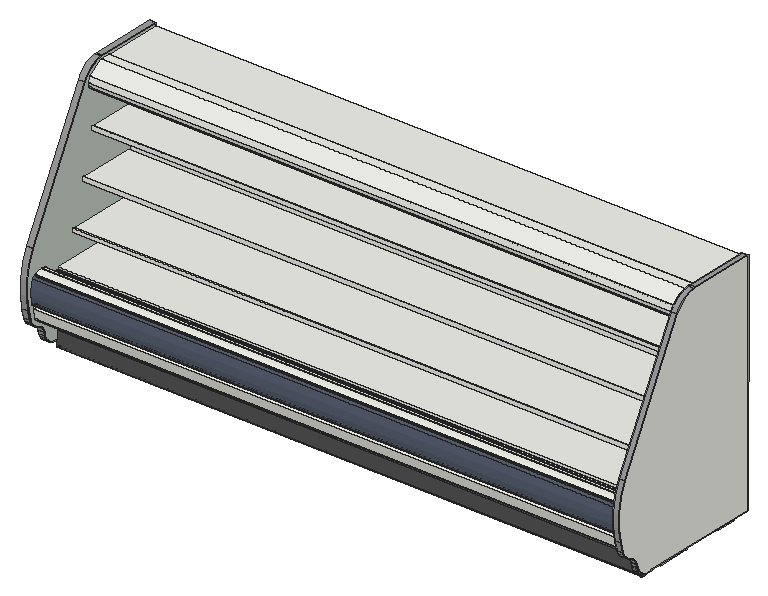
Revit family "IC2XNL_2014", category Specialty Equipment, Revit 2014
Parameters (values of type "12'-0" Length")
  Width = 144 1/2"
  Waste Drain = 1 1/4"  # constant formula
  URL = "www.hussmann.com"
  Type Comments = ""
  Trim = Stainless Steel
  Total Weight = Case Weight + (2 * End Weight)  # 1350.00 lbf
  Top Clearance = 1 1/2"  # constant formula
  Splashguard = Textured Sheet Metal (Steel Painted) - 701 Black
  Side Panel - Right [instance] = yes
  Side Panel - Left [instance] = yes
  Shelves = Sheet Metal (Steel Painted) - 700 Interior White
  Shelf Lights [instance] = yes
  Shelf = yes
  Revit Family Date = "11/25/2015"  # constant formula
  Refrigeration Lines Suction = 7/8"  # constant formula
  Refrigeration Lines Liquid = 3/8"  # constant formula
  Refrig. Suction = "Suction"
  Refrig. Liquid = "Liquid"
  Number of Shelves = 3  # constant formula
  Note from Manufacturer = "This model only comes in 4'-0\", 6'-0\", 8'-0\", and 12'-0\" lengths."
  Model = "IC2XNL"  # constant formula
  Manufacturer Disclaimer = "The information in this file is not intended to be an exact representation of the corresponding Hussmann product.  Further, we reserve the right to change or revise specifications and product design in connection with any feature of our products. Such changes do not entitle the buyer to corresponding changes, improvements, additions, or replacements for equipment previously sold or shipped."  # constant formula
  Manufacturer = "Hussmann Corporation"  # constant formula
  Height = 57 5/8"  # constant formula
  Ends = Textured Sheet Metal (Steel Painted) - 149 White Satin Matte
  End Weight = 75.00 lbf  # constant formula
  Drain Location = if(Width = 48 1/8", 24", if(Width = 72 1/4", 24", if(Width = 96 1/4", 24", if(Width = 144 1/2", 72", 0"))))  # 72"
  Description = ""
  Depth = 38 5/8"  # constant formula
  Clearance [instance] = no
  Case Weight = if(Width = 48 1/8", 600.00 lbf, if(Width = 72 1/4", 800.00 lbf, if(Width = 96 1/4", 1000.00 lbf, if(Width = 144 1/2", 1200.00 lbf, 0.00 lbf))))  # 1200.00 lbf
  Case Interior - Side Panel = Mirror
  Case Interior - Back Panel = Sheet Metal (Steel Painted) - 700 Interior White
  Case = Textured Sheet Metal (Steel Painted) - 149 White Satin Matte
  Bumper = Extruded PVC - 739 Royal Blue
  Back Clearance = 1 1/2"  # constant formula
  Assembly Code = ""
  Accessories/Options = ""
  8 Case = Width = 96 1/4"  # no
  6 Case = Width = 72 1/4"  # no
  12 Case = Width = 144 1/2"  # yes
Reference planes (in)
  plane 1 "Back": y = 0
  plane 2 "Bottom": z = 0
  plane 3 "Top": z = 57.625
  plane 4 "Left": x = -77.30699
  plane 5 "Front": y = -43.625
  plane 6 "Center (Left/Right)": x = -5.05699
  plane 7: y = 1.5
  plane 8: x = -78.80699
  plane 9 "Right": x = 67.19301
  plane 10: x = 68.69301
  plane 11: z = 24
  plane 12: z = 59.125
  plane 13: z = 44
  plane 14: z = 34
  plane 15: y = -38.625
Forms (in)
  Extrusion 1, solid, material "Metal - Copper"
    sketch origin (63.0625, 1.04319, 0) x (1, 0, 0) y (0, 1, 0)
      loop
        arc (-67.86949, -29.04319) -> (-68.31143, -29.22625) -> (-68.49449, -29.66819) r 0.625
        arc (-68.49449, -29.66819) -> (-68.31143, -30.11013) -> (-67.86949, -30.29319) r 0.625
        arc (-67.86949, -30.29319) -> (-67.42754, -30.11013) -> (-67.24449, -29.66819) r 0.625
        arc (-67.24449, -29.66819) -> (-67.42754, -29.22625) -> (-67.86949, -29.04319) r 0.625
      loop
        circle (-67.86949, -29.66819) r 0.5852
    from 5.56944 to 0
  Extrusion 2, solid, material "Metal - Copper"
    sketch origin (57.40105, 5, -0.375) x (1, 0, 0) y (0, 1, 0)
      loop
        circle (0.85446, -29.625) r 0.41359
      loop
        circle (0.85446, -29.625) r 0.4375
    from 5.94444 to 0.375
  Extrusion 3, solid, material "Metal - Copper"
    sketch origin (59.82608, 5, -0.375) x (1, 0, 0) y (0, 1, 0)
      loop
        circle (-0.94557, -29.625) r 0.17188
      loop
        circle (-0.94557, -29.625) r 0.1875
    from 5.94444 to 0.375
  Extrusion 4, solid, material "Textured Sheet Metal (Steel Painted) - 149 White Satin Matte" <- "Case"
    sketch origin (-5.05699, 0, 0) x (0, 1, 0) y (0, 0, 1)
      loop
        line (-6.54174, 55.28164) -> (-6.54174, 16.76987)
        arc (-6.54174, 16.76987) -> (-7.07176, 16.62783) -> (-7.43781, 16.21905) r 0.96162
        arc (-7.43781, 16.21905) -> (-7.50507, 15.78815) -> (-7.61542, 15.36624) r 4.32071
        line (-7.61542, 15.36624) -> (-8.10395, 15.36624)
        arc (-8.10395, 15.36624) -> (-8.30956, 15.45141) -> (-8.39473, 15.65702) r 0.29079
        line (-8.39473, 15.65702) -> (-8.39473, 15.81746)
        arc (-8.39473, 15.81746) -> (-8.43144, 15.90609) -> (-8.52007, 15.9428) r 0.12534
        line (-8.52007, 15.9428) -> (-11.49505, 15.9428)
        arc (-11.49505, 15.9428) -> (-11.5793, 15.91026) -> (-11.61981, 15.82954) r 0.12534
        arc (-11.61981, 15.82954) -> (-11.71378, 15.64227) -> (-11.90924, 15.56678) r 0.29079
        line (-11.90924, 15.56678) -> (-18.72067, 15.56678)
        arc (-18.72067, 15.56678) -> (-19.59459, 15.52862) -> (-20.46186, 15.41445) r 10.02712
        line (-20.46186, 15.41445) -> (-32.09485, 13.36323) -> (-33.08233, 13.18912) -> (-33.27126, 13.16499) -> (-33.25241, 17.38247) -> (-33.41097, 18.31816)
        arc (-33.41097, 18.31816) -> (-33.41818, 18.33957) -> (-33.43165, 18.3577) r 0.0722
        line (-33.43165, 18.3577) -> (-34.36331, 19.26949)
        arc (-34.36331, 19.26949) -> (-34.38173, 19.28257) -> (-34.40329, 19.28932) r 0.0722
        line (-34.40329, 19.28932) -> (-35.32004, 19.4244)
        arc (-35.32004, 19.4244) -> (-35.37297, 19.41141) -> (-35.40174, 19.36513) r 0.0722
        arc (-35.40174, 19.36513) -> (-35.41281, 19.40399) -> (-35.44726, 19.42368) r 0.05013
        arc (-35.44726, 19.42368) -> (-36.46779, 19.37058) -> (-37.41676, 18.99142) r 3.12821
        arc (-37.41676, 18.99142) -> (-37.43616, 18.96989) -> (-37.44041, 18.94122) r 0.05015
        line (-37.44041, 18.94122) -> (-37.43095, 18.87692) -> (-37.20584, 18.49713) -> (-37.20584, 12.75689) -> (-37.48933, 12.33659) -> (-37.45516, 12.37076)
        spline (-37.45516, 12.37076) -> (-37.44574, 12.3785) -> (-37.43499, 12.38424) -> (-37.42333, 12.38778) -> (-37.4112, 12.38898) -> (-37.39907, 12.38778) -> (-37.38741, 12.38424) -> (-37.37666, 12.3785) -> (-37.36725, 12.37077) -> (-37.35951, 12.36135) -> (-37.35377, 12.3506) -> (-37.35023, 12.33893) -> (-37.34904, 12.3268)
        line (-37.34904, 12.3268) -> (-37.34904, 11.72751)
        spline (-37.34904, 11.72751) -> (-37.34936, 11.72116) -> (-37.35034, 11.71486) -> (-37.35195, 11.70871) -> (-37.35418, 11.70275) -> (-37.35701, 11.69704) -> (-37.3604, 11.69166) -> (-37.36433, 11.68665) -> (-37.36875, 11.68208) -> (-37.37361, 11.67797) -> (-37.37886, 11.67439) -> (-37.38446, 11.67136) -> (-37.39033, 11.66892)
        line (-37.39033, 11.66892) -> (-37.39033, 12.04008)
        arc (-37.39033, 12.04008) -> (-37.4228, 12.087) -> (-37.47816, 12.07314) r 0.05014
        line (-37.47816, 12.07314) -> (-37.95304, 11.53186)
        arc (-37.95304, 11.53186) -> (-37.96419, 11.51015) -> (-37.96377, 11.48576) r 0.05014
        line (-37.96377, 11.48576) -> (-37.29561, 9.00525)
        arc (-37.29561, 9.00525) -> (-37.26634, 8.94722) -> (-37.21645, 8.90556) r 0.16043
        line (-37.21645, 8.90556) -> (-31.4005, 5.79007)
        arc (-31.4005, 5.79007) -> (-31.35915, 5.78524) -> (-31.32613, 5.81059) r 0.05535
        line (-31.32613, 5.81059) -> (-31.23846, 5.97425) -> (-30.38551, 5.51735) -> (-30.35997, 5.56503) -> (-8.50716, 5.56503) -> (0, 10.08456) -> (0, 57.48658) -> (-14.54716, 57.48658)
        arc (-14.54716, 57.48658) -> (-14.64163, 57.59634) -> (-14.78053, 57.63729) r 0.25604
        line (-14.78053, 57.63729) -> (-17.00943, 57.63729)
        arc (-17.00943, 57.63729) -> (-17.04476, 57.63217) -> (-17.07719, 57.61724) r 0.12446
        line (-17.07719, 57.61724) -> (-20.54761, 55.36511)
        arc (-20.54761, 55.36511) -> (-20.58149, 55.33254) -> (-20.60088, 55.28974) r 0.12446
        line (-20.60088, 55.28974) -> (-20.91609, 53.97588)
        arc (-20.91609, 53.97588) -> (-20.91952, 53.94608) -> (-20.91573, 53.91633) r 0.12446
        line (-20.91573, 53.91633) -> (-20.66026, 52.9061)
        arc (-20.66026, 52.9061) -> (-20.63509, 52.85678) -> (-20.59102, 52.82327) r 0.12446
        line (-20.59102, 52.82327) -> (-20.28912, 52.68629)
        arc (-20.28912, 52.68629) -> (-20.21717, 52.67688) -> (-20.1522, 52.70919) r 0.12446
        line (-20.1522, 52.70919) -> (-19.94763, 52.90255)
        arc (-19.94763, 52.90255) -> (-19.91451, 52.9553) -> (-19.91109, 53.01749) r 0.12446
        line (-19.91109, 53.01749) -> (-20.10459, 53.98187) -> (-19.85568, 54.43738) -> (-19.48042, 54.43738)
        arc (-19.48042, 54.43738) -> (-19.44051, 54.47564) -> (-19.47704, 54.51714) r 0.03995
        line (-19.47704, 54.51714) -> (-17.27918, 54.51714)
        arc (-17.27918, 54.51714) -> (-17.25528, 54.52204) -> (-17.23524, 54.53595) r 0.06074
        line (-17.23524, 54.53595) -> (-15.84971, 55.88671) -> (-15.84971, 55.28164) -> (-6.54174, 55.28164)
    from 72.25 to -72.25
  Extrusion 5, solid, material "Extruded PVC - 739 Royal Blue" <- "Bumper"
    sketch origin (-5.05699, 0, 0) x (0, 1, 0) y (0, 0, 1)
      loop
        line (-24.51657, 10.42128) -> (-11.10607, 12.3944)
        arc (-11.10607, 12.3944) -> (-8.9341, 13.37919) -> (-7.61542, 15.36624) r 4.32071
        line (-7.61542, 15.36624) -> (-8.10395, 15.36624)
        arc (-8.10395, 15.36624) -> (-8.30956, 15.45141) -> (-8.39473, 15.65702) r 0.29079
        line (-8.39473, 15.65702) -> (-8.39473, 15.81746)
        arc (-8.39473, 15.81746) -> (-8.43144, 15.90609) -> (-8.52007, 15.9428) r 0.12534
        line (-8.52007, 15.9428) -> (-11.49505, 15.9428)
        arc (-11.49505, 15.9428) -> (-11.5793, 15.91026) -> (-11.61981, 15.82954) r 0.12534
        arc (-11.61981, 15.82954) -> (-11.71378, 15.64227) -> (-11.90924, 15.56678) r 0.29079
        line (-11.90924, 15.56678) -> (-18.72067, 15.56678)
        arc (-18.72067, 15.56678) -> (-19.59459, 15.52862) -> (-20.46186, 15.41445) r 10.02712
        line (-20.46186, 15.41445) -> (-32.09485, 13.36323) -> (-33.08233, 13.18912) -> (-33.27126, 13.16499) -> (-33.25241, 17.38247) -> (-33.41097, 18.31816)
        arc (-33.41097, 18.31816) -> (-33.41818, 18.33957) -> (-33.43165, 18.3577) r 0.0722
        line (-33.43165, 18.3577) -> (-34.36331, 19.26949)
        arc (-34.36331, 19.26949) -> (-34.38173, 19.28257) -> (-34.40329, 19.28932) r 0.0722
        line (-34.40329, 19.28932) -> (-35.32004, 19.4244)
        arc (-35.32004, 19.4244) -> (-35.37297, 19.41141) -> (-35.40346, 19.36542) r 0.0722
        arc (-35.40346, 19.36542) -> (-35.4128, 19.40398) -> (-35.44723, 19.42368) r 0.05013
        arc (-35.44723, 19.42368) -> (-36.46778, 19.37059) -> (-37.41676, 18.99142) r 3.12821
        arc (-37.41676, 18.99142) -> (-37.43616, 18.96988) -> (-37.44041, 18.94121) r 0.05015
        line (-37.44041, 18.94121) -> (-37.43095, 18.87692)
        arc (-37.43095, 18.87692) -> (-37.59845, 18.85213) -> (-37.76013, 18.80185) r 1.09697
        arc (-37.76013, 18.80185) -> (-38.0546, 18.61929) -> (-38.26746, 18.34591) r 0.98319
        arc (-38.26746, 18.34591) -> (-38.71045, 15.51805) -> (-38.26746, 12.69018) r 9.24742
        arc (-38.26746, 12.69018) -> (-38.0546, 12.4168) -> (-37.76013, 12.23424) r 0.98319
        arc (-37.76013, 12.23424) -> (-37.7271, 12.22173) -> (-37.69368, 12.21028) r 1.10952
        arc (-37.69368, 12.21028) -> (-37.60714, 12.21104) -> (-37.53848, 12.26372) r 0.13637
        line (-37.53848, 12.26372) -> (-37.20584, 12.75689) -> (-37.20584, 18.49713) -> (-36.19061, 18.49713) -> (-36.19061, 12.78919)
        arc (-36.19061, 12.78919) -> (-36.15245, 12.59733) -> (-36.04376, 12.43468) r 0.50136
        line (-36.04376, 12.43468) -> (-35.36248, 11.7534)
        arc (-35.36248, 11.7534) -> (-35.2538, 11.59075) -> (-35.21564, 11.39889) r 0.50136
        line (-35.21564, 11.39889) -> (-35.21564, 10.92264)
        arc (-35.21564, 10.92264) -> (-35.06879, 10.56813) -> (-34.71428, 10.42128) r 0.50136
        line (-34.71428, 10.42128) -> (-33.88223, 10.42128)
        arc (-33.88223, 10.42128) -> (-33.53396, 10.28057) -> (-33.38118, 9.93742) r 0.50136
        line (-33.38118, 9.93742) -> (-33.37135, 9.65603)
        arc (-33.37135, 9.65603) -> (-33.29588, 9.40851) -> (-33.10704, 9.23158) r 0.50136
        line (-33.10704, 9.23158) -> (-32.40054, 8.85313)
        arc (-32.40054, 8.85313) -> (-32.28584, 8.8088) -> (-32.1638, 8.79372) r 0.50136
        line (-32.1638, 8.79372) -> (-29.9604, 8.79372)
        arc (-29.9604, 8.79372) -> (-29.70972, 8.86088) -> (-29.52621, 9.04439) r 0.50136
        line (-29.52621, 9.04439) -> (-28.87599, 10.17061)
        arc (-28.87599, 10.17061) -> (-28.69248, 10.35411) -> (-28.44181, 10.42128) r 0.50136
        line (-28.44181, 10.42128) -> (-24.51657, 10.42128)
    from 72.25 to -72.25
  Extrusion 6, solid, material "Textured Sheet Metal (Steel Painted) - 701 Black" <- "Splashguard"
    sketch origin (-5.05699, 0, 0) x (0, 1, 0) y (0, 0, 1)
      loop
        line (-30.59141, 3.63433) -> (-30.59141, 0.04975)
        arc (-30.59141, 0.04975) -> (-30.56653, 0.00667) -> (-30.51678, 0.00667) r 0.04975
        line (-30.51678, 0.00667) -> (-30.44214, 0.04975) -> (-30.24468, 0.04975)
        arc (-30.24468, 0.04975) -> (-30.16537, 0.00086) -> (-30.1048, 0.07165) r 0.07165
        line (-30.1048, 0.07165) -> (-30.1048, 3.91652)
        arc (-30.1048, 3.91652) -> (-30.132, 3.96087) -> (-30.18386, 3.95672) r 0.04975
        line (-30.18386, 3.95672) -> (-30.57096, 3.67454)
        arc (-30.57096, 3.67454) -> (-30.586, 3.65689) -> (-30.59141, 3.63433) r 0.04975
    from 72.25 to -72.25
  Extrusion 7, solid, material "Sheet Metal (Steel Painted) - 700 Interior White" <- "Shelves"
    sketch origin (-5.05699, 0, 0) x (0, 1, 0) y (0, 0, 1)
      loop
        arc (-9.27561, 17.11279) -> (-9.15826, 17.1614) -> (-9.10966, 17.27874) r 0.16595
        arc (-9.10966, 17.27874) -> (-9.15891, 17.39651) -> (-9.27733, 17.44417) r 0.16545
        line (-9.27733, 17.44417) -> (-9.40766, 17.54439) -> (-10.26328, 17.54439) -> (-10.26328, 17.59209) -> (-30.31753, 17.59209) -> (-30.31753, 17.09899) -> (-30.7284, 17.09899)
        arc (-30.7284, 17.09899) -> (-30.82834, 17.08583) -> (-30.92147, 17.04726) r 0.38613
        line (-30.92147, 17.04726) -> (-31.0673, 16.96306) -> (-31.0673, 16.57115) -> (-31.02133, 16.57115) -> (-30.73476, 16.7366) -> (-29.31784, 16.7366) -> (-29.31784, 16.96539) -> (-10.26328, 16.96539) -> (-10.26328, 17.11279) -> (-9.61051, 17.11279) -> (-9.61051, 16.74881) -> (-8.95925, 16.74881) -> (-8.95925, 16.62818)
        arc (-8.95925, 16.62818) -> (-8.92968, 16.55679) -> (-8.8583, 16.52722) r 0.10095
        line (-8.8583, 16.52722) -> (-8.35856, 16.52722) -> (-8.35856, 16.45293) -> (-14.93041, 16.45293)
        arc (-14.93041, 16.45293) -> (-15.04426, 16.40753) -> (-15.09563, 16.29625) r 0.16545
        arc (-15.09563, 16.29625) -> (-15.147, 16.18498) -> (-15.26084, 16.13958) r 0.16545
        line (-15.26084, 16.13958) -> (-18.72067, 16.13958)
        arc (-18.72067, 16.13958) -> (-19.64451, 16.09924) -> (-20.56132, 15.97854) r 10.59992
        line (-20.56132, 15.97854) -> (-31.55542, 14.03999) -> (-31.84179, 13.98949) -> (-32.02645, 13.95693)
        arc (-32.02645, 13.95693) -> (-32.13324, 13.88889) -> (-32.16065, 13.76527) r 0.16545
        line (-32.16065, 13.76527) -> (-32.14041, 13.65047)
        arc (-32.14041, 13.65047) -> (-32.18194, 13.46316) -> (-32.34375, 13.36007) r 0.25068
        line (-32.34375, 13.36007) -> (-33.0893, 13.22861) -> (-33.08233, 13.18912) -> (-32.09485, 13.36323) -> (-31.34931, 13.49469) -> (-31.35627, 13.53419)
        arc (-31.35627, 13.53419) -> (-31.19064, 13.64289) -> (-31.15565, 13.83789) r 0.25068
        arc (-31.15565, 13.83789) -> (-31.13196, 13.96673) -> (-31.02264, 14.03848) r 0.16545
        line (-31.02264, 14.03848) -> (-20.545, 15.88597)
        arc (-20.545, 15.88597) -> (-19.63632, 16.0056) -> (-18.72067, 16.04558) r 10.50592
        line (-18.72067, 16.04558) -> (-15.15602, 16.04558)
        arc (-15.15602, 16.04558) -> (-15.04217, 16.09098) -> (-14.99081, 16.20226) r 0.16545
        arc (-14.99081, 16.20226) -> (-14.93898, 16.31352) -> (-14.82513, 16.35892) r 0.16545
        line (-14.82513, 16.35892) -> (-11.61139, 16.35892) -> (-11.50194, 16.35892) -> (-8.52007, 16.35892)
        arc (-8.52007, 16.35892) -> (-8.40308, 16.31046) -> (-8.35462, 16.19348) r 0.16545
        line (-8.35462, 16.19348) -> (-8.35462, 15.88013) -> (-8.35462, 15.81746) -> (-8.35462, 15.65702)
        arc (-8.35462, 15.65702) -> (-8.2812, 15.47977) -> (-8.10395, 15.40635) r 0.25068
        line (-8.10395, 15.40635) -> (-7.90541, 15.40635) -> (-7.90541, 18.02258) -> (-7.94271, 18.02258)
        arc (-7.94271, 18.02258) -> (-7.98689, 17.9966) -> (-8.03276, 17.97374) r 0.73962
        line (-8.03276, 17.97374) -> (-8.35863, 17.64787) -> (-8.3586, 17.14088) -> (-8.8583, 17.14088)
        arc (-8.8583, 17.14088) -> (-8.89662, 17.13333) -> (-8.92921, 17.11179) r 0.10095
        line (-8.92921, 17.11179) -> (-9.27858, 17.11179)
    from 72.25 to -72.25
  Extrusion 8, solid, material "Sheet Metal (Steel Painted) - 700 Interior White" <- "Case Interior - Back Panel"
    sketch origin (-4.80699, 0, 0) x (0, 1, 0) y (0, 0, 1)
      loop
        line (-13.53734, 52.0418) -> (-15.90385, 54.28753) -> (-15.55821, 54.65176) -> (-17.21573, 54.38222)
        arc (-17.21573, 54.38222) -> (-17.32153, 54.41367) -> (-17.36263, 54.51611) r 0.12684
        line (-17.36263, 54.51611) -> (-17.27177, 54.51611)
        arc (-17.27177, 54.51611) -> (-17.25272, 54.5199) -> (-17.23657, 54.53069) r 0.04979
        line (-17.23657, 54.53069) -> (-15.84971, 55.91755) -> (-15.84971, 55.28164) -> (-6.54174, 55.28164) -> (-6.54174, 16.76987) -> (-7.8816, 16.76987) -> (-7.8816, 52.60037) -> (-12.58195, 52.65157) -> (-13.37083, 51.82026) -> (-13.5712, 52.0104)
        arc (-13.5712, 52.0104) -> (-13.57206, 52.04297) -> (-13.53948, 52.04383) r 0.02304
      loop
        line (-18.86118, 54.47026) -> (-18.86118, 53.305) -> (-17.67598, 53.305) -> (-17.67598, 54.47026) -> (-18.86118, 54.47026)
    from 72 to -72.5
  Extrusion 9, solid, material "Mirror" <- "Case Interior - Side Panel", visible <- "Side Panel - Right"
    sketch origin (67.19301, 0, 0) x (0, 0, 1) y (0, -1, 0)
      loop
        line (58.03402, -0.00002) -> (58.03402, 16.16801)
        arc (58.03402, 16.16801) -> (58.02674, 16.48018) -> (58.0049, 16.79167) r 6.69192
        arc (58.0049, 16.79167) -> (56.9634, 19.7731) -> (54.67027, 21.94455) r 6.68985
        line (54.67027, 21.94455) -> (24.84879, 37.93206)
        arc (24.84879, 37.93206) -> (18.37631, 39.78875) -> (11.66509, 39.24117) r 18.7659
        line (11.66509, 39.24117) -> (9.30251, 38.60812)
        arc (9.30251, 38.60812) -> (8.10174, 37.99901) -> (7.2488, 36.9572) r 3.26548
        line (7.2488, 36.9572) -> (6.60422, 35.71422)
        arc (6.60422, 35.71422) -> (5.87657, 34.82549) -> (4.85219, 34.30593) r 2.78542
        line (4.85219, 34.30593) -> (3.91416, 34.05555)
        arc (3.91416, 34.05555) -> (2.14558, 32.86) -> (1.49317, 30.82736) r 3.26639
        line (1.49317, 30.82736) -> (1.49317, 29.86068) -> (1.6394, 29.86068) -> (1.68387, 29.86068) -> (1.68387, -0.00002) -> (58.03402, -0.00002)
    from 0.03125 to 0
  Extrusion 10, solid, material "Textured Sheet Metal (Steel Painted) - 149 White Satin Matte" <- "Ends"
    sketch origin (67.19301, 0, 0) x (0, 0, 1) y (0, -1, 0)
      loop
        line (58.03402, 0) -> (58.03402, 16.16803)
        arc (58.03402, 16.16803) -> (58.02674, 16.4802) -> (58.0049, 16.7917) r 6.69192
        arc (58.0049, 16.7917) -> (56.9634, 19.77312) -> (54.67027, 21.94457) r 6.68985
        line (54.67027, 21.94457) -> (24.84879, 37.93208)
        arc (24.84879, 37.93208) -> (18.37631, 39.78877) -> (11.66509, 39.24119) r 18.7659
        line (11.66509, 39.24119) -> (9.30251, 38.60814)
        arc (9.30251, 38.60814) -> (8.10174, 37.99903) -> (7.2488, 36.95722) r 3.26548
        line (7.2488, 36.95722) -> (6.60422, 35.71424)
        arc (6.60422, 35.71424) -> (5.87657, 34.82551) -> (4.85219, 34.30595) r 2.78542
        line (4.85219, 34.30595) -> (3.91416, 34.05557)
        arc (3.91416, 34.05557) -> (2.14558, 32.86002) -> (1.49317, 30.82738) r 3.26639
        line (1.49317, 30.82738) -> (1.49317, 29.8607) -> (1.6394, 29.8607) -> (1.68387, 29.8607) -> (1.68387, 0) -> (58.03402, 0)
    from 0.03125 to 1.5
  Extrusion 11, solid, material "Textured Sheet Metal (Steel Painted) - 149 White Satin Matte" <- "Ends"
    sketch origin (-77.30699, 0, 0) x (0, 1, 0) y (0, 0, 1)
      loop
        line (0.00002, 58.03402) -> (-16.16801, 58.03402)
        arc (-16.16801, 58.03402) -> (-16.48018, 58.02674) -> (-16.79167, 58.0049) r 6.69192
        arc (-16.79167, 58.0049) -> (-19.7731, 56.9634) -> (-21.94455, 54.67027) r 6.68985
        line (-21.94455, 54.67027) -> (-37.93206, 24.84879)
        arc (-37.93206, 24.84879) -> (-39.78875, 18.37631) -> (-39.24117, 11.66509) r 18.7659
        line (-39.24117, 11.66509) -> (-38.60812, 9.30251)
        arc (-38.60812, 9.30251) -> (-37.99901, 8.10174) -> (-36.9572, 7.2488) r 3.26548
        line (-36.9572, 7.2488) -> (-35.71422, 6.60422)
        arc (-35.71422, 6.60422) -> (-34.82549, 5.87657) -> (-34.30593, 4.85219) r 2.78542
        line (-34.30593, 4.85219) -> (-34.05555, 3.91416)
        arc (-34.05555, 3.91416) -> (-32.86, 2.14558) -> (-30.82736, 1.49317) r 3.26639
        line (-30.82736, 1.49317) -> (-29.86068, 1.49317) -> (-29.86068, 1.6394) -> (-29.86068, 1.68387) -> (0.00002, 1.68387) -> (0.00002, 58.03402)
    from -1.5 to -0.03125
  Extrusion 12, solid, material "Mirror" <- "Case Interior - Side Panel"
    sketch origin (-77.30699, 0, 0) x (0, 1, 0) y (0, 0, 1)
      loop
        line (0.00002, 58.03402) -> (-16.16801, 58.03402)
        arc (-16.16801, 58.03402) -> (-16.48018, 58.02674) -> (-16.79167, 58.0049) r 6.69192
        arc (-16.79167, 58.0049) -> (-19.7731, 56.9634) -> (-21.94455, 54.67027) r 6.68985
        line (-21.94455, 54.67027) -> (-37.93206, 24.84879)
        arc (-37.93206, 24.84879) -> (-39.78875, 18.37631) -> (-39.24117, 11.66509) r 18.7659
        line (-39.24117, 11.66509) -> (-38.60812, 9.30251)
        arc (-38.60812, 9.30251) -> (-37.99901, 8.10174) -> (-36.9572, 7.2488) r 3.26548
        line (-36.9572, 7.2488) -> (-35.71422, 6.60422)
        arc (-35.71422, 6.60422) -> (-34.82549, 5.87657) -> (-34.30593, 4.85219) r 2.78542
        line (-34.30593, 4.85219) -> (-34.05555, 3.91416)
        arc (-34.05555, 3.91416) -> (-32.86, 2.14558) -> (-30.82736, 1.49317) r 3.26639
        line (-30.82736, 1.49317) -> (-29.86068, 1.49317) -> (-29.86068, 1.6394) -> (-29.86068, 1.68387) -> (0.00002, 1.68387) -> (0.00002, 58.03402)
    from -0.03125 to 0
  Sweep 13, solid, material "Stainless Steel" <- "Trim"
    path origin (67.19301, 0, 0) x (0, 0, 1) y (0, -1, 0)
      loop
        line (58.03404, 0) -> (58.03404, 16.16803)
        arc (58.03404, 16.16803) -> (58.02676, 16.4802) -> (58.00492, 16.7917) r 6.69192
        arc (58.00492, 16.7917) -> (56.96342, 19.77312) -> (54.67029, 21.94457) r 6.68985
        line (54.67029, 21.94457) -> (24.84881, 37.93208)
        arc (24.84881, 37.93208) -> (18.37633, 39.78877) -> (11.66511, 39.24119) r 18.7659
        line (11.66511, 39.24119) -> (9.30253, 38.60814)
        arc (9.30253, 38.60814) -> (8.10176, 37.99903) -> (7.24882, 36.95722) r 3.26548
        line (7.24882, 36.95722) -> (6.60424, 35.71424)
        arc (6.60424, 35.71424) -> (5.8766, 34.82551) -> (4.85221, 34.30595) r 2.78542
        line (4.85221, 34.30595) -> (3.91418, 34.05557)
        arc (3.91418, 34.05557) -> (2.1456, 32.86002) -> (1.4932, 30.82738) r 3.26639
        line (1.4932, 30.82738) -> (1.4932, 29.8607) -> (1.63943, 29.8607) -> (1.6839, 29.8607) -> (1.6839, 0) -> (58.03404, 0)
    profile origin (67.19301, -8.08402, 58.03404) x (0, 0, -1) y (1, 0, 0)
      loop
        line (-0.00002, 0) -> (-0.00002, 1.5) -> (-0.03127, 1.5) -> (-0.03127, 0) -> (-0.00002, 0)
  Sweep 14, solid, material "Stainless Steel" <- "Trim"
    path origin (-77.30699, 0, 0) x (0, 1, 0) y (0, 0, 1)
      loop
        line (0.00002, 58.03402) -> (-16.16801, 58.03402)
        arc (-16.16801, 58.03402) -> (-16.48018, 58.02674) -> (-16.79167, 58.0049) r 6.69192
        arc (-16.79167, 58.0049) -> (-19.7731, 56.9634) -> (-21.94455, 54.67027) r 6.68985
        line (-21.94455, 54.67027) -> (-37.93206, 24.84879)
        arc (-37.93206, 24.84879) -> (-39.78875, 18.37631) -> (-39.24117, 11.66509) r 18.7659
        line (-39.24117, 11.66509) -> (-38.60812, 9.30251)
        arc (-38.60812, 9.30251) -> (-37.99901, 8.10174) -> (-36.9572, 7.2488) r 3.26548
        line (-36.9572, 7.2488) -> (-35.71422, 6.60422)
        arc (-35.71422, 6.60422) -> (-34.82549, 5.87657) -> (-34.30593, 4.85219) r 2.78542
        line (-34.30593, 4.85219) -> (-34.05555, 3.91416)
        arc (-34.05555, 3.91416) -> (-32.86, 2.14558) -> (-30.82736, 1.49317) r 3.26639
        line (-30.82736, 1.49317) -> (-29.86068, 1.49317) -> (-29.86068, 1.6394) -> (-29.86068, 1.68387) -> (0.00002, 1.68387) -> (0.00002, 58.03402)
    profile origin (-77.30699, -8.084, 58.03402) x (0, 0, -1) y (1, 0, 0)
      loop
        line (-0.00004, 0) -> (-0.03129, 0) -> (-0.03129, -1.5) -> (-0.00004, -1.5) -> (-0.00004, 0)
  Extrusion 15, solid, material "Textured Sheet Metal (Steel Painted) - 149 White Satin Matte" <- "Case"
    sketch origin (-5.05699, 0, 0) x (0, 1, 0) y (0, 0, 1)
      loop
        line (-30.1048, 2.08994) -> (-30.06997, 2.08994) -> (-30.06997, 4.47552)
        arc (-30.06997, 4.47552) -> (-30.07664, 4.5004) -> (-30.09485, 4.51861) r 0.04975
        line (-30.09485, 4.51861) -> (-31.0929, 5.09484) -> (-31.0929, 5.75836) -> (-31.12773, 5.75836) -> (-31.12773, 5.10346)
        arc (-31.12773, 5.10346) -> (-31.12106, 5.07858) -> (-31.10285, 5.06037) r 0.04975
        line (-31.10285, 5.06037) -> (-30.1048, 4.48414) -> (-30.1048, 2.08994)
    from 72.25 to -72.25
Lines and regions (in)
  reference lines
    curve 1: line (-4.80699, -43.625, 0) -> (-4.80699, 0, 0)
    curve 2: line (64.69301, -43.625, 0) -> (64.69301, 0, 0)
    curve 3: line (58.69301, -43.625, 0) -> (58.69301, 0, 0)
    curve 4: line (-77.30699, -28.625, 0) -> (67.19301, -28.625, 0)
    curve 5: line (67.19301, -24.625, 0) -> (-77.30699, -24.625, 0)
  symbolic lines, style "Clearance", visible <- "Clearance"
    curve 6: line (-77.30699, 1.5, 0) -> (67.19301, 1.5, 0)
    curve 7: line (67.19301, 1.5, 0) -> (67.19301, 0.02372, 0)
    curve 8: line (-77.30699, 1.5, 0) -> (-77.30699, 0, 0)
    curve 9: line (-5.05699, 0, 57.88589) -> (-5.05699, 0, 59.125)
    curve 10: line (-5.05699, 0, 59.125) -> (-5.05699, -22.50751, 59.125)
    curve 11: line (-5.05699, -22.50751, 55.8685) -> (-5.05699, -22.50751, 59.125)
    curve 12: line (-5.05699, 0, 57.36619) -> (-5.05699, 1.5, 57.36619)
    curve 13: line (-5.05699, 1.5, 57.36619) -> (-5.05699, 1.5, 0)
    curve 14: line (-77.30699, -40, 57.32429) -> (-77.30699, -40, 59.125)
    curve 15: line (-77.30699, -40, 59.125) -> (67.19301, -40, 59.125)
    curve 16: line (67.19301, -40, 59.125) -> (67.19301, -40, 57.32429)
  symbolic lines
    curve 17: arc (-5.05699, -37.76013, 18.80185) -> (-5.05699, -38.0546, 18.61929) -> (-5.05699, -38.26746, 18.34591) r 0.98319
    curve 18: arc (-5.05699, -38.26746, 18.34591) -> (-5.05699, -38.71045, 15.51805) -> (-5.05699, -38.26746, 12.69018) r 9.24742
    curve 19: arc (-5.05699, -38.26746, 12.69018) -> (-5.05699, -38.0546, 12.4168) -> (-5.05699, -37.76013, 12.23424) r 0.98319
  model lines, style "SpecialityEquipment", detail levels fine
    curve 20: line (-5.05699, -37.20584, 9.26829) -> (-5.05699, -37.20584, 18.49713)
    curve 21: line (-5.05699, -30.36045, 5.56414) -> (-5.05699, -37.17302, 9.21349)
    curve 22: arc (-5.05699, -37.17302, 9.21349) -> (-5.05699, -37.197, 9.23635) -> (-5.05699, -37.20584, 9.26829) r 0.06217
    curve 23: line (-5.05699, -36.19061, 18.49713) -> (-5.05699, -36.19061, 12.78919)
    curve 24: arc (-5.05699, -36.19061, 12.78919) -> (-5.05699, -36.15245, 12.59733) -> (-5.05699, -36.04376, 12.43468) r 0.50136
    curve 25: line (-5.05699, -36.04376, 12.43468) -> (-5.05699, -35.36248, 11.7534)
    curve 26: arc (-5.05699, -35.36248, 11.7534) -> (-5.05699, -35.2538, 11.59075) -> (-5.05699, -35.21564, 11.39889) r 0.50136
    curve 27: line (-5.05699, -35.21564, 11.39889) -> (-5.05699, -35.21564, 10.92264)
    curve 28: arc (-5.05699, -35.21564, 10.92264) -> (-5.05699, -35.06879, 10.56813) -> (-5.05699, -34.71428, 10.42128) r 0.50136
    curve 29: line (-5.05699, -34.71428, 10.42128) -> (-5.05699, -33.88223, 10.42128)
    curve 30: arc (-5.05699, -33.88223, 10.42128) -> (-5.05699, -33.53396, 10.28057) -> (-5.05699, -33.38118, 9.93742) r 0.50136
    curve 31: line (-5.05699, -33.38118, 9.93742) -> (-5.05699, -33.37135, 9.65603)
    curve 32: arc (-5.05699, -33.37135, 9.65603) -> (-5.05699, -33.29588, 9.40851) -> (-5.05699, -33.10704, 9.23158) r 0.50136
    curve 33: line (-5.05699, -33.10704, 9.23158) -> (-5.05699, -32.40054, 8.85313)
    curve 34: arc (-5.05699, -32.40054, 8.85313) -> (-5.05699, -32.28584, 8.8088) -> (-5.05699, -32.1638, 8.79372) r 0.50136
    curve 35: line (-5.05699, -32.1638, 8.79372) -> (-5.05699, -29.9604, 8.79372)
    curve 36: arc (-5.05699, -29.9604, 8.79372) -> (-5.05699, -29.70972, 8.86088) -> (-5.05699, -29.52621, 9.04439) r 0.50136
    curve 37: line (-5.05699, -29.52621, 9.04439) -> (-5.05699, -28.87599, 10.17061)
    curve 38: arc (-5.05699, -28.87599, 10.17061) -> (-5.05699, -28.69248, 10.35411) -> (-5.05699, -28.44181, 10.42128) r 0.50136
    curve 39: line (-5.05699, -28.44181, 10.42128) -> (-5.05699, -24.51657, 10.42128)
    curve 40: line (-5.05699, -24.51657, 10.42128) -> (-5.05699, -11.10607, 12.3944)
    curve 41: arc (-5.05699, -11.10607, 12.3944) -> (-5.05699, -8.9341, 13.37919) -> (-5.05699, -7.61542, 15.36624) r 4.32071
    curve 42: line (-5.05699, -37.20584, 18.49713) -> (-5.05699, -36.19061, 18.49713)
  model lines, style "SpecialityEquipment", not visible, detail levels fine
    curve 43: line (-5.05699, -37.20584, 9.26829) -> (-5.05699, -37.20584, 18.49713)
    curve 44: line (-5.05699, -30.36045, 5.56414) -> (-5.05699, -37.17302, 9.21349)
    curve 45: arc (-5.05699, -37.17302, 9.21349) -> (-5.05699, -37.197, 9.23635) -> (-5.05699, -37.20584, 9.26829) r 0.06217
    curve 46: line (-5.05699, -36.19061, 18.49713) -> (-5.05699, -36.19061, 12.78919)
    curve 47: arc (-5.05699, -36.19061, 12.78919) -> (-5.05699, -36.15245, 12.59733) -> (-5.05699, -36.04376, 12.43468) r 0.50136
    curve 48: line (-5.05699, -36.04376, 12.43468) -> (-5.05699, -35.36248, 11.7534)
    curve 49: arc (-5.05699, -35.36248, 11.7534) -> (-5.05699, -35.2538, 11.59075) -> (-5.05699, -35.21564, 11.39889) r 0.50136
    curve 50: line (-5.05699, -35.21564, 11.39889) -> (-5.05699, -35.21564, 10.92264)
    curve 51: arc (-5.05699, -35.21564, 10.92264) -> (-5.05699, -35.06879, 10.56813) -> (-5.05699, -34.71428, 10.42128) r 0.50136
    curve 52: line (-5.05699, -34.71428, 10.42128) -> (-5.05699, -33.88223, 10.42128)
    curve 53: arc (-5.05699, -33.88223, 10.42128) -> (-5.05699, -33.53396, 10.28057) -> (-5.05699, -33.38118, 9.93742) r 0.50136
    curve 54: line (-5.05699, -33.38118, 9.93742) -> (-5.05699, -33.37135, 9.65603)
    curve 55: arc (-5.05699, -33.37135, 9.65603) -> (-5.05699, -33.29588, 9.40851) -> (-5.05699, -33.10704, 9.23158) r 0.50136
    curve 56: line (-5.05699, -33.10704, 9.23158) -> (-5.05699, -32.40054, 8.85313)
    curve 57: arc (-5.05699, -32.40054, 8.85313) -> (-5.05699, -32.28584, 8.8088) -> (-5.05699, -32.1638, 8.79372) r 0.50136
    curve 58: line (-5.05699, -32.1638, 8.79372) -> (-5.05699, -29.9604, 8.79372)
    curve 59: arc (-5.05699, -29.9604, 8.79372) -> (-5.05699, -29.70972, 8.86088) -> (-5.05699, -29.52621, 9.04439) r 0.50136
    curve 60: line (-5.05699, -29.52621, 9.04439) -> (-5.05699, -28.87599, 10.17061)
    curve 61: arc (-5.05699, -28.87599, 10.17061) -> (-5.05699, -28.69248, 10.35411) -> (-5.05699, -28.44181, 10.42128) r 0.50136
    curve 62: line (-5.05699, -28.44181, 10.42128) -> (-5.05699, -24.51657, 10.42128)
    curve 63: line (-5.05699, -24.51657, 10.42128) -> (-5.05699, -11.10607, 12.3944)
    curve 64: arc (-5.05699, -11.10607, 12.3944) -> (-5.05699, -8.9341, 13.37919) -> (-5.05699, -7.61542, 15.36624) r 4.32071
    curve 65: line (-5.05699, -37.20584, 18.49713) -> (-5.05699, -36.19061, 18.49713)
Dimensions and locks (in)
  equal spacing: plane 4 "Left", plane 6 "Center (Left/Right)", plane 9 "Right"
  locked: plane 8 to plane 4 "Left" at 1.5
  "Width": plane 4 "Left" to plane 9 "Right"
  locked: curve 2 to plane 9 "Right" at 2.5
  "Drain Location": curve 1 to plane 9 "Right"
  "Back Clearance": plane 1 "Back" to plane 7
  locked: curve 3 to plane 9 "Right" at 8.5
  "Height": plane 3 "Top" to level
  locked: plane 1 "Back" to curve 4 at 28.625
  locked: plane 1 "Back" to curve 5 at 24.625
  locked: plane 9 "Right" to plane 10 at 1.5
  locked: plane 11 to level at 24
  locked: plane 13 to level at 44
  "Top Clearance": plane 12 to plane 3 "Top"
  locked: Extrusion 1 sketch curve to Extrusion 1 sketch curve at 0.0398
  locked: Extrusion 3 sketch curve to Extrusion 3 sketch curve at 0.01562
  locked: Extrusion 2 sketch curve to Extrusion 2 sketch curve at 0.02391
  nested 7 to plane 6 "Center (Left/Right)" to nested 8 = 24" locked, 24" locked
  locked: plane 14 to level at 34
  "Depth": plane 15 to plane 1 "Back"
  "Waste Drain": diameter of Extrusion 1 sketch curve
  "Refrigeration Lines Liquid": diameter of Extrusion 3 sketch curve
  "Refrigeration Lines Suction": diameter of Extrusion 2 sketch curve
  aligned and locked: plane 5 "Front" to curve 1
  aligned and locked: plane 5 "Front" to curve 2
  aligned and locked: plane 4 "Left" to curve 4
  aligned and locked: plane 4 "Left" to curve 5
  aligned and locked: plane 9 "Right" to curve 5
  aligned and locked: plane 9 "Right" to curve 4
  aligned and locked: Extrusion 2 to level
  aligned and locked: Extrusion 3 to level
  aligned and locked: curve 5 to Extrusion 3 sketch curve  (x4)
  aligned and locked: curve 5 to Extrusion 2 sketch curve  (x4)
  aligned and locked: curve 4 to Extrusion 1 sketch curve  (x3)
  aligned and locked: curve 1 to Extrusion 1 sketch curve
  aligned and locked: curve 3 to Extrusion 3 sketch curve
  aligned and locked: curve 3 to Extrusion 2 sketch curve
  aligned and locked: Extrusion 4 to plane 4 "Left"
  aligned and locked: plane 9 "Right" to Extrusion 4
  aligned and locked: Extrusion 8 to plane 4 "Left"
  aligned and locked: plane 9 "Right" to Extrusion 8
  aligned and locked: Extrusion 7 to plane 4 "Left"
  aligned and locked: plane 9 "Right" to Extrusion 7
  aligned and locked: Extrusion 5 to plane 4 "Left"
  aligned and locked: plane 9 "Right" to Extrusion 5
  aligned and locked: plane 11 to nested 1
  aligned and locked: Extrusion 8 to nested 1
  aligned and locked: Extrusion 8 to nested 2
  aligned and locked: Extrusion 9 to plane 9 "Right"
  aligned and locked: plane 4 "Left" to nested 2
  aligned and locked: plane 4 "Left" to nested 1
  aligned and locked: plane 9 "Right" to Extrusion 6
  aligned and locked: Extrusion 6 to plane 4 "Left"
  aligned and locked: plane 4 "Left" to nested 3
  aligned and locked: nested 1 to nested 3
  aligned and locked: plane 1 "Back" to nested 4
  aligned and locked: plane 4 "Left" to nested 4
  aligned and locked: nested 6 to plane 1 "Back"
  aligned and locked: plane 9 "Right" to nested 6
  aligned and locked: plane 1 "Back" to nested 5
  aligned and locked: plane 6 "Center (Left/Right)" to nested 5
  aligned and locked: nested 8 to plane 1 "Back"
  aligned and locked: plane 1 "Back" to nested 7
  aligned and locked: curve 6 to plane 7
  aligned and locked: curve 8 to plane 4 "Left"
  aligned and locked: curve 7 to plane 9 "Right"
  aligned and locked: curve 13 to plane 7
  aligned and locked: plane 12 to curve 15
  aligned and locked: curve 16 to plane 9 "Right"
  aligned and locked: plane 4 "Left" to curve 14
  aligned and locked: plane 6 "Center (Left/Right)" to nested 9
  aligned and locked: plane 1 "Back" to nested 9
  aligned and locked: nested 2 to nested 10
  aligned and locked: plane 4 "Left" to nested 11
  aligned and locked: Extrusion 10 to Extrusion 9
  aligned and locked: plane 10 to Extrusion 10
  aligned and locked: plane 8 to Extrusion 11
  aligned and locked: Extrusion 12 to Extrusion 11
  aligned and locked: plane 4 "Left" to Extrusion 12
  aligned and locked: Sweep 13 sketch curve to Extrusion 9
  aligned and locked: plane 10 to Sweep 13 sketch curve
  aligned and locked: Sweep 14 sketch curve to Extrusion 12
  aligned and locked: Sweep 14 sketch curve to plane 8
  aligned and locked: plane 13 to nested 2
  aligned and locked: nested 12 to nested 13
  aligned and locked: plane 14 to nested 12
  aligned and locked: Extrusion 15 to plane 4 "Left"
  aligned and locked: plane 9 "Right" to Extrusion 15
Automatic sketch dimensions
  plane 1 "Back" to curve 8 = 0"
  curve 7 to plane 1 "Back" = 0.02372"
  level to Extrusion 6 sketch curve = 0.04975"  (x2)
  level to Extrusion 6 sketch curve = 3.67454"
  Extrusion 6 sketch curve to Extrusion 6 sketch curve = 0.02045"
  Extrusion 6 sketch curve to Extrusion 6 sketch curve = 0.04975"  (x2)
  level to Extrusion 6 sketch curve = 0.00667"
  Extrusion 6 sketch curve to Extrusion 6 sketch curve = 0.07463"
  Extrusion 6 sketch curve to Extrusion 6 sketch curve = 0.19746"
  level to Extrusion 6 sketch curve = 3.95672"
  Extrusion 6 sketch curve to Extrusion 6 sketch curve = 0.06823"
  Extrusion 6 sketch curve to Extrusion 6 sketch curve = 0.02931"
  Extrusion 6 sketch curve to Extrusion 6 sketch curve = 0.04021"
  plane 3 "Top" to Extrusion 8 sketch curve = 4.32"
  plane 1 "Back" to Extrusion 8 sketch curve = 18.86118"
  Extrusion 8 sketch curve to Extrusion 8 sketch curve = 1.18521"
  Extrusion 8 sketch curve to Extrusion 8 sketch curve = 0.31335"
  Extrusion 8 sketch curve to Extrusion 8 sketch curve = 0.09085"
  Extrusion 8 sketch curve to Extrusion 8 sketch curve = 0.03569"
  plane 3 "Top" to Extrusion 8 sketch curve = 3.09431"
  Extrusion 8 sketch curve to Extrusion 8 sketch curve = 0.00048"
  plane 3 "Top" to Extrusion 8 sketch curve = 3.24278"
  Extrusion 8 sketch curve to Extrusion 8 sketch curve = 0.02036"
  plane 3 "Top" to Extrusion 8 sketch curve = 3.33747"
  Extrusion 8 sketch curve to Extrusion 8 sketch curve = 1.31188"
  Extrusion 8 sketch curve to Extrusion 8 sketch curve = 0.05414"
  plane 3 "Top" to Extrusion 8 sketch curve = 2.97324"
  Extrusion 8 sketch curve to Extrusion 8 sketch curve = 0.34564"
  Extrusion 8 sketch curve to Extrusion 8 sketch curve = 2.33265"
  Extrusion 8 sketch curve to Extrusion 8 sketch curve = 0.01586"  (x2)
  plane 3 "Top" to Extrusion 8 sketch curve = 5.80474"
  Extrusion 8 sketch curve to Extrusion 8 sketch curve = 0.20037"
  plane 3 "Top" to Extrusion 8 sketch curve = 4.97343"
  plane 1 "Back" to Extrusion 8 sketch curve = 7.8816"
  Extrusion 8 sketch curve to Extrusion 8 sketch curve = 1.33987"
  Extrusion 8 sketch curve to plane 11 = 7.23013"
  Extrusion 8 sketch curve to Extrusion 8 sketch curve = 0.01671"
  plane 3 "Top" to Extrusion 8 sketch curve = 5.02463"
  Extrusion 8 sketch curve to Extrusion 8 sketch curve = 1.16525"
  Extrusion 8 sketch curve to Extrusion 8 sketch curve = 0.02327"
  Extrusion 8 sketch curve to Extrusion 8 sketch curve = 0.62988"
  Extrusion 8 sketch curve to Extrusion 8 sketch curve = 0.63592"
  plane 3 "Top" to Extrusion 8 sketch curve = 5.5832"
  plane 12 to curve 10 = 0"
  curve 10 to plane 1 "Back" = 0"
  curve 12 to plane 1 "Back" = 0"
  curve 13 to level = 0"
  plane 5 "Front" to curve 11 = 21.11749"
  plane 3 "Top" to curve 12 = 0.25881"
  plane 3 "Top" to curve 11 = 1.7565"
  curve 9 to plane 3 "Top" = 0.26089"
  plane 3 "Top" to curve 14 = 0.30071"
  plane 3 "Top" to curve 16 = 0.30071"
  profile plane to Sweep 13 sketch curve = 0.03127"
  profile plane to Sweep 13 sketch curve = 0.00002"
  Extrusion 5 sketch curve to Extrusion 5 sketch curve = 0.11305"
  plane 15 to Extrusion 5 sketch curve = 1.18459"
  Extrusion 5 sketch curve to Extrusion 5 sketch curve = 0.00946"
  Extrusion 5 sketch curve to Extrusion 5 sketch curve = 0.03355"
  Extrusion 5 sketch curve to Extrusion 5 sketch curve = 0.04961"
  Extrusion 5 sketch curve to Extrusion 5 sketch curve = 0.04286"
  Extrusion 5 sketch curve to Extrusion 5 sketch curve = 0.04661"
  Extrusion 5 sketch curve to Extrusion 5 sketch curve = 0.14684"
  Extrusion 5 sketch curve to Extrusion 5 sketch curve = 1.55737"
  Extrusion 5 sketch curve to Extrusion 5 sketch curve = 0.32677"
  Extrusion 5 sketch curve to Extrusion 5 sketch curve = 0.50136"  (x3)
  Extrusion 5 sketch curve to Extrusion 5 sketch curve = 0.73774"
  Extrusion 5 sketch curve to Extrusion 5 sketch curve = 0.35451"
  Extrusion 5 sketch curve to Extrusion 5 sketch curve = 0.12231"
  Extrusion 5 sketch curve to Extrusion 5 sketch curve = 0.01053"  (x2)
  Extrusion 5 sketch curve to Extrusion 5 sketch curve = 0.91675"
  Extrusion 5 sketch curve to Extrusion 5 sketch curve = 0.03998"
  Extrusion 5 sketch curve to Extrusion 5 sketch curve = 0.83205"
  Extrusion 5 sketch curve to Extrusion 5 sketch curve = 0.93166"
  Extrusion 5 sketch curve to Extrusion 5 sketch curve = 0.0505"
  Extrusion 5 sketch curve to Extrusion 5 sketch curve = 0.02069"
  Extrusion 5 sketch curve to Extrusion 5 sketch curve = 0.50105"
  Extrusion 5 sketch curve to Extrusion 5 sketch curve = 0.00983"
  Extrusion 5 sketch curve to Extrusion 5 sketch curve = 0.26431"
  Extrusion 5 sketch curve to Extrusion 5 sketch curve = 0.23674"  (x2)
  Extrusion 5 sketch curve to Extrusion 5 sketch curve = 0.70649"
  Extrusion 5 sketch curve to Extrusion 5 sketch curve = 1.78737"
  Extrusion 5 sketch curve to Extrusion 5 sketch curve = 2.20341"
  Extrusion 5 sketch curve to Extrusion 5 sketch curve = 0.43419"  (x2)
  Extrusion 5 sketch curve to Extrusion 5 sketch curve = 2.63183"
  Extrusion 5 sketch curve to Extrusion 5 sketch curve = 0.65022"
  Extrusion 5 sketch curve to Extrusion 5 sketch curve = 3.92524"
  Extrusion 5 sketch curve to plane 11 = 8.58555"
  Extrusion 5 sketch curve to Extrusion 5 sketch curve = 4.05471"
  Extrusion 5 sketch curve to Extrusion 5 sketch curve = 1.74119"
  Extrusion 5 sketch curve to Extrusion 5 sketch curve = 6.81143"
  Extrusion 5 sketch curve to Extrusion 5 sketch curve = 0.17422"
  Extrusion 5 sketch curve to Extrusion 5 sketch curve = 0.41419"
  Extrusion 5 sketch curve to Extrusion 5 sketch curve = 0.80317"
  Extrusion 5 sketch curve to Extrusion 5 sketch curve = 2.97498"
  Extrusion 5 sketch curve to Extrusion 5 sketch curve = 0.12534"
  Extrusion 5 sketch curve to Extrusion 5 sketch curve = 0.29079"  (x2)
  Extrusion 5 sketch curve to Extrusion 5 sketch curve = 0.48853"
  level to Extrusion 5 sketch curve = 5.53966"
  Extrusion 5 sketch curve to Extrusion 5 sketch curve = 0.05941"
  Extrusion 5 sketch curve to Extrusion 5 sketch curve = 0.25068"  (x3)
  Extrusion 5 sketch curve to Extrusion 5 sketch curve = 0.37845"
  Extrusion 5 sketch curve to Extrusion 5 sketch curve = 0.42444"
  Extrusion 5 sketch curve to Extrusion 5 sketch curve = 0.87553"
  Extrusion 5 sketch curve to Extrusion 5 sketch curve = 0.2639"
  Extrusion 5 sketch curve to Extrusion 5 sketch curve = 0.2814"
  Extrusion 5 sketch curve to Extrusion 5 sketch curve = 0.47625"
  Extrusion 5 sketch curve to Extrusion 5 sketch curve = 0.07626"
  Extrusion 5 sketch curve to Extrusion 5 sketch curve = 3.17238"
  Extrusion 5 sketch curve to Extrusion 5 sketch curve = 0.68128"
  Extrusion 5 sketch curve to Extrusion 5 sketch curve = 0.11742"
  Extrusion 5 sketch curve to Extrusion 5 sketch curve = 2.94195"
  Extrusion 5 sketch curve to Extrusion 5 sketch curve = 0.20054"
  Extrusion 5 sketch curve to Extrusion 5 sketch curve = 2.15481"
  Extrusion 5 sketch curve to Extrusion 5 sketch curve = 0.16043"
  Extrusion 5 sketch curve to Extrusion 5 sketch curve = 1.46751"
  Extrusion 5 sketch curve to Extrusion 5 sketch curve = 0.10541"
  Extrusion 5 sketch curve to Extrusion 5 sketch curve = 1.991"
  Extrusion 5 sketch curve to Extrusion 5 sketch curve = 0.01206"
  Extrusion 5 sketch curve to Extrusion 5 sketch curve = 0.9889"
  Extrusion 5 sketch curve to Extrusion 5 sketch curve = 0.06429"
  Extrusion 5 sketch curve to Extrusion 5 sketch curve = 0.0073"
  Extrusion 5 sketch curve to Extrusion 5 sketch curve = 0.91178"
  Extrusion 5 sketch curve to Extrusion 5 sketch curve = 0.0516"
  Extrusion 5 sketch curve to Extrusion 5 sketch curve = 0.13509"
  Extrusion 5 sketch curve to Extrusion 5 sketch curve = 0.00874"
  Extrusion 5 sketch curve to Extrusion 5 sketch curve = 0.07143"
  plane 15 to Extrusion 5 sketch curve = 0.35754"  (x2)
  Extrusion 5 sketch curve to Extrusion 5 sketch curve = 0.06645"
  Extrusion 5 sketch curve to Extrusion 5 sketch curve = 0"  (x2)
  Extrusion 5 sketch curve to Extrusion 5 sketch curve = 0.32918"
  Extrusion 5 sketch curve to Extrusion 5 sketch curve = 0.00564"
  Extrusion 5 sketch curve to Extrusion 5 sketch curve = 1.1764"
  Extrusion 5 sketch curve to Extrusion 5 sketch curve = 0.15856"
  Extrusion 5 sketch curve to Extrusion 5 sketch curve = 0.18892"
  Extrusion 5 sketch curve to Extrusion 5 sketch curve = 0.19824"
  Extrusion 5 sketch curve to Extrusion 5 sketch curve = 0.02412"
  Extrusion 5 sketch curve to Extrusion 5 sketch curve = 0.9357"
  Extrusion 5 sketch curve to Extrusion 5 sketch curve = 0.37979"
  Extrusion 5 sketch curve to Extrusion 5 sketch curve = 0.04981"
  Extrusion 5 sketch curve to Extrusion 5 sketch curve = 0.00172"
  Extrusion 7 sketch curve to Extrusion 7 sketch curve = 0"  (x4)
  plane 15 to Extrusion 7 sketch curve = 5.5357"
  Extrusion 7 sketch curve to Extrusion 7 sketch curve = 0.00696"  (x2)
  Extrusion 7 sketch curve to Extrusion 7 sketch curve = 0.70202"
  Extrusion 7 sketch curve to Extrusion 7 sketch curve = 0.04353"  (x3)
  Extrusion 7 sketch curve to Extrusion 7 sketch curve = 0.22663"
  Extrusion 7 sketch curve to Extrusion 7 sketch curve = 0.02024"
  Extrusion 7 sketch curve to Extrusion 7 sketch curve = 0.2489"
  Extrusion 7 sketch curve to Extrusion 7 sketch curve = 0.1342"
  Extrusion 7 sketch curve to Extrusion 7 sketch curve = 0.16293"  (x3)
  Extrusion 7 sketch curve to Extrusion 7 sketch curve = 0.18466"
  Extrusion 7 sketch curve to Extrusion 7 sketch curve = 0.28637"
  Extrusion 7 sketch curve to Extrusion 7 sketch curve = 0.15562"
  Extrusion 7 sketch curve to Extrusion 7 sketch curve = 0.48812"
  Extrusion 7 sketch curve to Extrusion 7 sketch curve = 0.37716"
  Extrusion 7 sketch curve to Extrusion 7 sketch curve = 0.04597"
  Extrusion 7 sketch curve to Extrusion 7 sketch curve = 0.02873"
  Extrusion 7 sketch curve to Extrusion 7 sketch curve = 0.14583"
  Extrusion 7 sketch curve to Extrusion 7 sketch curve = 0.28657"
  Extrusion 7 sketch curve to Extrusion 7 sketch curve = 0.19307"
  Extrusion 7 sketch curve to Extrusion 7 sketch curve = 0.41087"
  Extrusion 7 sketch curve to Extrusion 7 sketch curve = 0.99969"
  Extrusion 7 sketch curve to plane 11 = 8.02146"
  Extrusion 7 sketch curve to Extrusion 7 sketch curve = 8.75651"
  Extrusion 7 sketch curve to plane 11 = 8.11403"
  Extrusion 7 sketch curve to Extrusion 7 sketch curve = 0.01632"
  Extrusion 7 sketch curve to Extrusion 7 sketch curve = 1.82433"
  Extrusion 7 sketch curve to Extrusion 7 sketch curve = 3.45982"
  Extrusion 7 sketch curve to Extrusion 7 sketch curve = 0.10482"
  Extrusion 7 sketch curve to Extrusion 7 sketch curve = 0.22561"
  Extrusion 7 sketch curve to Extrusion 7 sketch curve = 0.10528"
  Extrusion 7 sketch curve to Extrusion 7 sketch curve = 3.21373"
  Extrusion 7 sketch curve to Extrusion 7 sketch curve = 0.10946"
  Extrusion 7 sketch curve to Extrusion 7 sketch curve = 1.23866"
  Extrusion 7 sketch curve to Extrusion 7 sketch curve = 0.65277"
  Extrusion 7 sketch curve to Extrusion 7 sketch curve = 0.20285"
  Extrusion 7 sketch curve to Extrusion 7 sketch curve = 0.13033"
  Extrusion 7 sketch curve to Extrusion 7 sketch curve = 0.00173"
  Extrusion 7 sketch curve to Extrusion 7 sketch curve = 0.31636"
  Extrusion 7 sketch curve to Extrusion 7 sketch curve = 0.3464"
  Extrusion 7 sketch curve to Extrusion 7 sketch curve = 0.10095"
  Extrusion 7 sketch curve to Extrusion 7 sketch curve = 0.07091"
  Extrusion 7 sketch curve to Extrusion 7 sketch curve = 0.33823"
  Extrusion 7 sketch curve to Extrusion 7 sketch curve = 0.4997"
  Extrusion 7 sketch curve to Extrusion 7 sketch curve = 0.16151"
  Extrusion 7 sketch curve to Extrusion 7 sketch curve = 0.16545"
  Extrusion 7 sketch curve to Extrusion 7 sketch curve = 0.01915"
  Extrusion 7 sketch curve to Extrusion 7 sketch curve = 0.25068"
  Extrusion 7 sketch curve to Extrusion 7 sketch curve = 0.32587"  (x2)
  Extrusion 7 sketch curve to Extrusion 7 sketch curve = 0.09005"
  Extrusion 7 sketch curve to Extrusion 7 sketch curve = 0.0373"
  Extrusion 7 sketch curve to Extrusion 7 sketch curve = 0.19854"
  Extrusion 7 sketch curve to plane 11 = 8.11987"
  Extrusion 7 sketch curve to Extrusion 7 sketch curve = 0.06267"
  Extrusion 7 sketch curve to Extrusion 7 sketch curve = 0.16043"
  Extrusion 7 sketch curve to plane 11 = 9.96001"
  Extrusion 7 sketch curve to Extrusion 7 sketch curve = 0.00151"
  Extrusion 7 sketch curve to Extrusion 7 sketch curve = 0.05049"
  Extrusion 7 sketch curve to Extrusion 7 sketch curve = 0.03256"
  Extrusion 7 sketch curve to Extrusion 7 sketch curve = 0.25892"
  Extrusion 7 sketch curve to Extrusion 7 sketch curve = 0.11479"
  Extrusion 7 sketch curve to Extrusion 7 sketch curve = 0.24687"
  Extrusion 7 sketch curve to Extrusion 7 sketch curve = 0.00316"
  level to Extrusion 7 sketch curve = 5.53966"
  Extrusion 7 sketch curve to Extrusion 7 sketch curve = 0.1479"
  Extrusion 7 sketch curve to Extrusion 7 sketch curve = 0.31335"
  Extrusion 7 sketch curve to Extrusion 7 sketch curve = 0.07144"  (x2)
  Extrusion 7 sketch curve to Extrusion 7 sketch curve = 0.094"  (x2)
  Extrusion 7 sketch curve to Extrusion 7 sketch curve = 0.07429"
  Extrusion 7 sketch curve to Extrusion 7 sketch curve = 2.53268"
  Extrusion 7 sketch curve to Extrusion 7 sketch curve = 0.14171"
  Extrusion 7 sketch curve to Extrusion 7 sketch curve = 0.02374"
  Extrusion 7 sketch curve to Extrusion 7 sketch curve = 0.12063"
  Extrusion 7 sketch curve to Extrusion 7 sketch curve = 0.39191"
  Extrusion 7 sketch curve to Extrusion 7 sketch curve = 0.21659"
  Extrusion 7 sketch curve to Extrusion 7 sketch curve = 0.29112"
  Extrusion 7 sketch curve to Extrusion 7 sketch curve = 0.0842"
  Extrusion 7 sketch curve to Extrusion 7 sketch curve = 0.07186"
  Extrusion 7 sketch curve to Extrusion 7 sketch curve = 0.1474"
  Extrusion 7 sketch curve to Extrusion 7 sketch curve = 0.16695"
  Extrusion 7 sketch curve to Extrusion 7 sketch curve = 0.16543"
  Extrusion 7 sketch curve to Extrusion 7 sketch curve = 0.10021"
  Extrusion 7 sketch curve to Extrusion 7 sketch curve = 0.4931"
  Extrusion 7 sketch curve to Extrusion 7 sketch curve = 0.50699"
  Extrusion 7 sketch curve to Extrusion 7 sketch curve = 0.04884"
  Extrusion 7 sketch curve to Extrusion 7 sketch curve = 0.16114"
  Extrusion 7 sketch curve to Extrusion 7 sketch curve = 0.0006"
  Extrusion 7 sketch curve to Extrusion 7 sketch curve = 0.06039"
  Extrusion 7 sketch curve to Extrusion 7 sketch curve = 0.00046"
  Extrusion 7 sketch curve to Extrusion 7 sketch curve = 0.00297"
  Sweep 13 sketch curve to plane 1 "Back" = 0"
  level to Sweep 13 sketch curve = 1.4932"
  Sweep 13 sketch curve to Sweep 13 sketch curve = 0.14623"
  level to Sweep 13 sketch curve = 1.6839"
  level to Sweep 13 sketch curve = 3.91418"
  Sweep 13 sketch curve to Sweep 13 sketch curve = 0.21735"
  Sweep 13 sketch curve to Sweep 13 sketch curve = 3.07488"
  Sweep 13 sketch curve to Sweep 13 sketch curve = 0.93803"
  plane 15 to Sweep 13 sketch curve = 2.91076"
  Sweep 13 sketch curve to Sweep 13 sketch curve = 1.75203"
  plane 15 to Sweep 13 sketch curve = 1.66778"
  Sweep 13 sketch curve to Sweep 13 sketch curve = 0.64458"
  plane 15 to Sweep 13 sketch curve = 0.01686"
  Sweep 13 sketch curve to Sweep 13 sketch curve = 2.05371"
  plane 15 to Sweep 13 sketch curve = 3.17107"
  Sweep 13 sketch curve to plane 11 = 7.47796"
  plane 3 "Top" to Sweep 13 sketch curve = 6.28288"
  Sweep 13 sketch curve to Sweep 13 sketch curve = 0.0049"
  plane 3 "Top" to Sweep 13 sketch curve = 2.95471"
  Sweep 13 sketch curve to plane 3 "Top" = 0.40904"
  plane 1 "Back" to Sweep 13 sketch curve = 16.13853"
  Sweep 13 sketch curve to Sweep 13 sketch curve = 0.0295"
  Sweep 13 sketch curve to Sweep 13 sketch curve = 5.77653"
  Sweep 13 sketch curve to Sweep 13 sketch curve = 5.85354"
  Sweep 13 sketch curve to Sweep 13 sketch curve = 0.96669"
  Sweep 13 sketch curve to Sweep 13 sketch curve = 1.03957"
  Sweep 13 sketch curve to Sweep 13 sketch curve = 0.25038"
  Sweep 13 sketch curve to plane 15 = 0.61619"
  Sweep 13 sketch curve to Sweep 13 sketch curve = 2.36257"
  plane 11 to Sweep 13 sketch curve = 0.84881"
  plane 15 to Sweep 13 sketch curve = 0.69292"
  level to Extrusion 10 sketch curve = 1.49317"
  Extrusion 10 sketch curve to Extrusion 10 sketch curve = 0.14623"
  level to Extrusion 10 sketch curve = 1.68387"
  Extrusion 10 sketch curve to Extrusion 10 sketch curve = 2.42098"
  Extrusion 10 sketch curve to Extrusion 10 sketch curve = 0.21735"
  Extrusion 10 sketch curve to Extrusion 10 sketch curve = 3.07488"
  Extrusion 10 sketch curve to Extrusion 10 sketch curve = 0.93803"
  Extrusion 10 sketch curve to Extrusion 10 sketch curve = 1.75203"
  Extrusion 10 sketch curve to Extrusion 10 sketch curve = 0.64458"
  Extrusion 10 sketch curve to Extrusion 10 sketch curve = 2.05371"
  Extrusion 10 sketch curve to Extrusion 10 sketch curve = 2.89888"
  Extrusion 10 sketch curve to Extrusion 10 sketch curve = 2.36257"
  level to Extrusion 10 sketch curve = 16.52202"
  level to Extrusion 10 sketch curve = 24.84879"
  plane 11 to Extrusion 10 sketch curve = 27.3421"
  Extrusion 10 sketch curve to Extrusion 10 sketch curve = 0.0049"
  plane 14 to Extrusion 10 sketch curve = 20.67027"
  plane 14 to Extrusion 10 sketch curve = 24.03402"
  plane 5 "Front" to Extrusion 10 sketch curve = 43 5/8"
  Extrusion 10 sketch curve to Extrusion 10 sketch curve = 16.13853"
  Extrusion 10 sketch curve to Extrusion 10 sketch curve = 0.0295"
  Extrusion 10 sketch curve to Extrusion 10 sketch curve = 21.11471"
  Extrusion 10 sketch curve to Extrusion 10 sketch curve = 5.77653"
  Extrusion 10 sketch curve to Extrusion 10 sketch curve = 8.74598"
  Extrusion 10 sketch curve to Extrusion 10 sketch curve = 0.96669"
  Extrusion 10 sketch curve to Extrusion 10 sketch curve = 1.03957"
  Extrusion 10 sketch curve to Extrusion 10 sketch curve = 0.25038"
  Extrusion 10 sketch curve to Extrusion 10 sketch curve = 1.14798"
  Extrusion 10 sketch curve to Extrusion 10 sketch curve = 1.40828"
  Extrusion 10 sketch curve to Extrusion 10 sketch curve = 1.24298"
  Extrusion 10 sketch curve to Extrusion 10 sketch curve = 2.47815"
  Extrusion 9 sketch curve to plane 13 = 42.50683"
  Extrusion 9 sketch curve to Extrusion 9 sketch curve = 0.14623"
  Extrusion 9 sketch curve to plane 13 = 42.31613"
  Extrusion 9 sketch curve to Extrusion 9 sketch curve = 2.42098"
